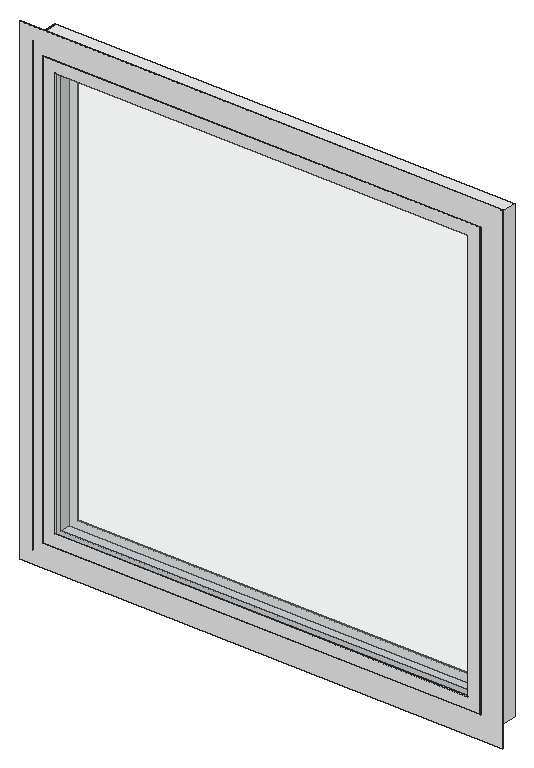
Revit family "Casement_38_A_Top_Hung_Standard", category Windows, host Wall, Revit 2014
Parameters (values of type "Casement_Sash_DG")
  Width Sash [instance] = 30 mm
  Width Sash Inner = 15 mm
  Width Bead = 15 mm
  Top Hung [instance] = yes
  Side Hung Right [instance] = yes
  Side Hung Left [instance] = yes
  Sash Opening Width [instance] = 600 mm
  Sash Opening Height [instance] = 600.312 mm
  Sash Lip = 15 mm
  Glazing Material [instance] = Glass
  DG Start Piece 2 [instance] = DG End Piece 1 + DG Gasket Thickness  # 25 mm
  DG Start Peice 1 [instance] = (Depth Sash - (2 * DG Glazing Thickness) - DG Gasket Thickness) / 2  # 6.6 mm
  Glazing Offset = 5 mm
  DG Glazing Thickness [instance] = 6.4 mm
  DG Gasket Thickness = 12 mm  # constant formula
  DG Gasket Material [instance] = none
  DG End Piece 2 [instance] = DG Start Piece 2 + DG Glazing Thickness  # 31.4 mm
  DG End Piece 1 [instance] = DG Start Peice 1 + DG Glazing Thickness  # 13 mm
  Depth Sash [instance] = 38 mm
  Center Vertical Sash [instance] = Sash Opening Height / 2  # 300.156 mm
  Center Horizontal Sash [instance] = Sash Opening Width / 2  # 300 mm
  Bottom Hung [instance] = yes
  Bead Offset = 15 mm
  Aluminium Thickness = 1 mm
  Aluminium Material [instance] = White Powder Coated Aluminium
Reference planes
  plane 1 "Center (Front/Back)": y = 0
  plane 2: z = 0
  plane 3 "Center (Left/Right)": x = 0
Forms (mm)
  Sweep 1, solid, material "White Powder Coated Aluminium" <- "Aluminium Material"
    path origin (16.177, 0, 121.331) x (1, 0, 0) y (0, 0, 1)
      loop
        line (0, 0) -> (600, 0) -> (600, 600.312) -> (0, 600.312) -> (0, 0)
    profile origin (316.177, 0, 121.331) x (0, 0, 1) y (0, -1, 0)
      loop
        line (0, 0) -> (30, 0) -> (30, 1) -> (15, 1) -> (15, 38) -> (-15, 38) -> (-15, 37) -> (0, 37) -> (0, 0)
      loop
        line (14, 1) -> (14, 37) -> (1, 37) -> (1, 1) -> (14, 1)
  Sweep 2, solid, material "White Powder Coated Aluminium" <- "Aluminium Material"
    path origin (0, 0, 0) x (1, 0, 0) y (0, 0, 1)
      loop
        line (31.177, 706.643) -> (31.177, 136.331) -> (601.177, 136.331) -> (601.177, 706.643) -> (31.177, 706.643)
    profile origin (316.177, 0, 706.643) x (0, 0, 1) y (0, -1, 0)
      loop
        line (0, 37) -> (0, 38) -> (-15, 38) -> (-15, 37) -> (0, 37)
  Extrusion 3, solid, material "Glass" <- "Glazing Material"
    sketch origin (0, 0, 0) x (1, 0, 0) y (0, 0, 1)
      loop
        line (36.177, 701.643) -> (36.177, 141.331) -> (596.177, 141.331) -> (596.177, 701.643) -> (36.177, 701.643)
    from 6.6 <- "DG Start Peice 1" to 13 <- "DG End Piece 1"
  Extrusion 4, solid, material "Glass" <- "Glazing Material"
    sketch origin (0, 0, 0) x (1, 0, 0) y (0, 0, 1)
      loop
        line (36.177, 701.643) -> (36.177, 141.331) -> (596.177, 141.331) -> (596.177, 701.643) -> (36.177, 701.643)
    from 31.4 <- "DG End Piece 2" to 25 <- "DG Start Piece 2"
  Sweep 5, solid, material <- "DG Gasket Material"
    path origin (0, -13, 0) x (1, 0, 0) y (0, 0, 1)
      loop
        line (36.177, 701.643) -> (36.177, 141.331) -> (596.177, 141.331) -> (596.177, 701.643) -> (36.177, 701.643)
    profile origin (316.177, -13, 701.643) x (0, 0, 1) y (0, -1, 0)
      loop
        line (0, 0) -> (0, 12) -> (-7.96, 12) -> (-7.96, 0) -> (0, 0)
Lines and regions (mm)
  model lines
    curve 1: line (1.177, -38, 736.643) -> (31.177, -38, 706.643)
    curve 2: line (601.177, -38, 706.643) -> (631.177, -38, 736.643)
    curve 3: line (601.177, -38, 136.331) -> (631.177, -38, 106.331)
    curve 4: line (1.177, -38, 106.331) -> (31.177, -38, 136.331)
    curve 5: line (631.177, -37, 736.643) -> (616.177, -37, 721.643)
    curve 6: line (1.177, -37, 736.643) -> (16.177, -37, 721.643)
    curve 7: line (1.177, -37, 106.331) -> (16.177, -37, 121.331)
    curve 8: line (631.177, -37, 106.331) -> (616.177, -37, 121.331)
    curve 9: line (616.177, 0, 121.331) -> (586.177, 0, 151.331)
    curve 10: line (46.177, 0, 151.331) -> (16.177, 0, 121.331)
    curve 11: line (616.177, 0, 721.643) -> (586.177, 0, 691.643)
    curve 12: line (46.177, 0, 691.643) -> (16.177, 0, 721.643)
    curve 13: line (31.177, -38, 691.643) -> (46.177, -38, 691.643)
    curve 14: line (586.177, -38, 691.643) -> (601.177, -38, 691.643)
    curve 15: line (586.177, -38, 151.331) -> (601.177, -38, 151.331)
    curve 16: line (31.177, -38, 151.331) -> (46.177, -38, 151.331)
  model lines, style "GenericModelHiddenLines", visible <- "Top Hung"
    curve 17: line (46.386, -31.4, 690.914) -> (316.177, -31.4, 151.331)
    curve 18: line (316.177, -31.4, 151.331) -> (586.177, -31.4, 691.331)
  model lines, style "GenericModelHiddenLines", visible <- "Bottom Hung"
    curve 19: line (46.177, -31.4, 151.331) -> (316.177, -31.4, 691.331)
    curve 20: line (316.177, -31.4, 691.331) -> (586.177, -31.4, 151.331)
  model lines, style "GenericModelHiddenLines", visible <- "Side Hung Left"
    curve 21: line (46.386, -31.4, 690.914) -> (585.24, -31.4, 421.487)
    curve 22: line (585.24, -31.4, 421.487) -> (46.177, -31.4, 151.331)
  model lines, style "GenericModelHiddenLines", visible <- "Side Hung Right"
    curve 23: line (586.177, -31.4, 691.331) -> (46.177, -31.4, 421.487)
    curve 24: line (46.177, -31.4, 421.487) -> (586.177, -31.4, 151.331)
Dimensions and locks
  "Aluminium Thickness": Sweep 1 sketch curve to Sweep 1 sketch curve  (x4)
  "Depth Sash": Sweep 1 sketch curve to Sweep 1 sketch curve
  "Sash Opening Width": Sweep 1 to Sweep 1
  "Sash Opening Height": Sweep 1 to Sweep 1
  "Width Sash": Sweep 1 sketch curve to Sweep 1 sketch curve  (x2)
  "Width Sash Inner": Sweep 1 sketch curve to Sweep 1 sketch curve
  "Sash Lip": Sweep 1 sketch curve to Sweep 1 sketch curve
  "Aluminium Thickness": Sweep 1 to Sweep 2 sketch curve
  "Glazing Offset": Sweep 2 to Extrusion 3 sketch curve  (x3)
  "Glazing Offset": Extrusion 3 sketch curve to Sweep 2
  Sweep 1 to Sweep 1 = 1 mm
  "Aluminium Thickness": Sweep 2 sketch curve to Sweep 2 sketch curve
  "Width Bead": Sweep 2 sketch curve to Sweep 2 sketch curve
  locked: Sweep 5 sketch curve to Sweep 5 sketch curve at 7.96
  "Center Horizontal Sash": Sweep 1 to curve 18
  "Center Horizontal Sash": Sweep 1 to curve 20
  "Center Vertical Sash": Sweep 1 to curve 22
  "Center Vertical Sash": Sweep 1 to curve 24
  aligned and locked: level to plane 2
  aligned and locked: Sweep 1 sketch curve to Sweep 1 sketch curve  (x2)
  aligned and locked: Sweep 2 sketch curve to Sweep 1  (x5)
  aligned and locked: Extrusion 4 sketch curve to Extrusion 3  (x4)
  aligned and locked: Sweep 5 sketch curve to Extrusion 3  (x5)
  aligned and locked: Extrusion 3 to Sweep 5 sketch curve
Automatic sketch dimensions
  plane 3 "Center (Left/Right)" to Sweep 1 sketch curve = 16.177 mm
  level to Sweep 1 sketch curve = 121.331 mm
  plane 3 "Center (Left/Right)" to Sweep 1 sketch curve = 616.177 mm
  level to Sweep 1 sketch curve = 721.643 mm
  profile plane to Sweep 5 sketch curve = 12 mm
  curve 7 to Sweep 1 = 0 mm  (x4)
  curve 6 to Sweep 1 = 0 mm  (x3)
  Sweep 1 to curve 6 = 0 mm
  curve 5 to Sweep 1 = 0 mm  (x3)
  curve 8 to Sweep 1 = 0 mm  (x4)
  Sweep 1 to curve 5 = 0 mm
  curve 16 to Sweep 2 = 0 mm  (x3)
  curve 13 to Sweep 2 = 0 mm  (x3)
  curve 15 to Sweep 2 = 0 mm
  Sweep 2 to curve 15 = 0 mm  (x2)
  curve 14 to Sweep 2 = 0 mm  (x2)
  Sweep 2 to curve 14 = 0 mm
  curve 1 to Sweep 1 = 0 mm  (x4)
  curve 4 to Sweep 1 = 0 mm  (x3)
  Sweep 1 to curve 4 = 0 mm
  curve 3 to Sweep 1 = 0 mm  (x3)
  curve 2 to Sweep 1 = 0 mm  (x4)
  Sweep 1 to curve 3 = 0 mm
  curve 10 to Sweep 1 = 0 mm  (x4)
  curve 12 to Sweep 1 = 0 mm  (x3)
  Sweep 1 to curve 12 = 0 mm
  curve 9 to Sweep 1 = 0 mm  (x4)
  curve 11 to Sweep 1 = 0 mm  (x3)
  Sweep 1 to curve 11 = 0 mm
  Sweep 1 sketch curve to plane 1 "Center (Front/Back)" = 0 mm
  profile plane to Sweep 1 sketch curve = 0 mm
  curve 21 to Extrusion 4 = 10.208 mm
  curve 19 to Extrusion 4 = 10 mm
  curve 23 to Extrusion 4 = 10 mm  (x2)
  curve 22 to Extrusion 4 = 10.937 mm
  curve 20 to Extrusion 4 = 10 mm
  curve 24 to Extrusion 4 = 10 mm
  curve 22 to Extrusion 4 = 10 mm
  curve 18 to Extrusion 4 = 10 mm
  curve 21 to Extrusion 4 = 10.729 mm
  curve 19 to Extrusion 4 = 10.312 mm
  curve 18 to Extrusion 4 = 10.312 mm
Types in the file's own list only (6): name | Windload Design | Width Sash Opening | Width Sash | Width Profile | Width | URL | Max Pane Area | Max System DG One Piece Thickness | Max System DG Unit Thickness | Intruderprufe U Value | Intruderprufe SHGC Value | Intruderprufe LowE U Value | Intruderprufe LowE SHGC Value | Intruderprufe Insulated U Value | Intruderprufe Insulated SHGC Value | Intruderprufe Insulated LowE U Value | Intruderprufe Insulated LowE SHGC Value | Height | Energy Advantage U Value | Energy Advantage SHGC Value | DG Thickness Calc | Custom Window Width | Custom Window Height | Window Exterior Offset | Custom Windload | Sash Width | Sash Height | Sash Spacing Inner | Sash Overlap | Sash Center Offset | SG Gasket Thickness | Offset Sash Left | Offset Sash 1 Top | Offset Bead SG Center Reversed | Model | Manufacturer | Limit Window Width Min | Limit Window Width Max | Limit Window Height Min | Limit Window Height Max | Limit Sash Width Min | Limit Sash Width Max | Limit Sash Height Min | Limit Sash Height Max | Height Sash 1 Opening | Height Sash | Description | Frame Center Offset | Depth Bead | Default Sill Height | Wall Closure | DG Gasket Finish | DG Extrusion Start | Offset Window Exterior | Clearvue U Value | Clearvue SHGC Value | Clearvue Insulated U Value | Clearvue Insulated SHGC Value | Clearvue Insulated LowE U Value | Clearvue Insulated LowE SHGC Value | Casement Dimension | Bottom Hung | Bead SG Gap
  38-0606T-1000Pa | 1000 mm | 545 mm | 514 mm | 30 mm | 590 mm | "http://www.crealco.co.za/crealco-products.php" | 0.20 m² | 6 mm | 25 mm | 6.12 | 0.487 | 4.92 | 0.436 | 4.38 | 0.421 | 3.97 | 0.384 | 590 mm | 5.03 | 0.461 | 4 mm | 590 mm | 590 mm | 0 mm | 1000 mm | 545 mm | 545 mm | 8 mm | 7 mm | 16 mm | 6 mm | 23 mm | 23 mm | 19 mm | "Casement 38" | "Crealco" | 346 mm | 1546 mm | 346 mm | 1246 mm | 300 mm | 1500 mm | 300 mm | 1200 mm | 545 mm | 514 mm | "Window 38mm, Type A top hung" | 19 mm | 24 mm | 800 mm | By host | Double Glazing Gasket Material | 9 mm | 19 mm | 6.21 | 0.514 | 4.48 | 0.45 | 4.07 | 0.41 | 38 mm | No | 13 mm
  38-0606T-1500Pa | 1500 mm | 545 mm | 514 mm | 30 mm | 590 mm | "http://www.crealco.co.za/crealco-products.php" | 0.20 m² | 6 mm | 25 mm | 6.12 | 0.487 | 4.92 | 0.436 | 4.38 | 0.421 | 3.97 | 0.384 | 590 mm | 5.03 | 0.461 | 4 mm | 590 mm | 590 mm | 0 mm | 1500 mm | 545 mm | 545 mm | 8 mm | 7 mm | 16 mm | 6 mm | 23 mm | 23 mm | 19 mm | "Casement 38" | "Crealco" | 346 mm | 1546 mm | 346 mm | 1246 mm | 300 mm | 1500 mm | 300 mm | 1200 mm | 545 mm | 514 mm | "Window 38mm, Type A top hung" | 19 mm | 24 mm | 800 mm | By host | Double Glazing Gasket Material | 9 mm | 19 mm | 6.21 | 0.514 | 4.48 | 0.45 | 4.07 | 0.41 | 38 mm | No | 13 mm
  38-0606T-2000Pa | 2000 mm | 545 mm | 514 mm | 30 mm | 590 mm | "http://www.crealco.co.za/crealco-products.php" | 0.20 m² | 6 mm | 25 mm | 6.12 | 0.487 | 4.92 | 0.436 | 4.38 | 0.421 | 3.97 | 0.384 | 590 mm | 5.03 | 0.461 | 4 mm | 590 mm | 590 mm | 0 mm | 2000 mm | 545 mm | 545 mm | 8 mm | 7 mm | 16 mm | 6 mm | 23 mm | 23 mm | 19 mm | "Casement 38" | "Crealco" | 346 mm | 1546 mm | 346 mm | 1246 mm | 300 mm | 1500 mm | 300 mm | 1200 mm | 545 mm | 514 mm | "Window 38mm, Type A top hung" | 19 mm | 24 mm | 800 mm | By host | Double Glazing Gasket Material | 9 mm | 19 mm | 6.21 | 0.514 | 4.48 | 0.45 | 4.07 | 0.41 | 38 mm | No | 13 mm
  38-0906T-1000Pa | 1000 mm | 845 mm | 814 mm | 30 mm | 890 mm | "http://www.crealco.co.za/crealco-products.php" | 0.33 m² | 6 mm | 25 mm | 6.07 | 0.533 | 4.73 | 0.476 | 4.13 | 0.46 | 3.67 | 0.419 | 590 mm | 4.83 | 0.505 | 4 mm | 890 mm | 590 mm | 0 mm | 1000 mm | 845 mm | 545 mm | 8 mm | 7 mm | 16 mm | 6 mm | 23 mm | 23 mm | 19 mm | "Casement 38" | "Crealco" | 346 mm | 1546 mm | 346 mm | 1246 mm | 300 mm | 1500 mm | 300 mm | 1200 mm | 545 mm | 514 mm | "Window 38mm, Type A top hung" | 19 mm | 24 mm | 800 mm | By host | Double Glazing Gasket Material | 9 mm | 19 mm | 6.16 | 0.563 | 4.24 | 0.493 | 3.77 | 0.449 | 38 mm | No | 13 mm
  38-0906T-1500Pa | 1500 mm | 845 mm | 814 mm | 30 mm | 890 mm | "http://www.crealco.co.za/crealco-products.php" | 0.33 m² | 6 mm | 25 mm | 6.07 | 0.533 | 4.73 | 0.476 | 4.13 | 0.46 | 3.67 | 0.419 | 590 mm | 4.83 | 0.505 | 4 mm | 890 mm | 590 mm | 0 mm | 1500 mm | 845 mm | 545 mm | 8 mm | 7 mm | 16 mm | 6 mm | 23 mm | 23 mm | 19 mm | "Casement 38" | "Crealco" | 346 mm | 1546 mm | 346 mm | 1246 mm | 300 mm | 1500 mm | 300 mm | 1200 mm | 545 mm | 514 mm | "Window 38mm, Type A top hung" | 19 mm | 24 mm | 800 mm | By host | Double Glazing Gasket Material | 9 mm | 19 mm | 6.16 | 0.563 | 4.24 | 0.493 | 3.77 | 0.449 | 38 mm | No | 13 mm
  38-0906T-2000Pa | 2000 mm | 845 mm | 814 mm | 30 mm | 890 mm | "http://www.crealco.co.za/crealco-products.php" | 0.33 m² | 6 mm | 25 mm | 6.07 | 0.533 | 4.73 | 0.476 | 4.13 | 0.46 | 3.67 | 0.419 | 590 mm | 4.83 | 0.505 | 4 mm | 890 mm | 590 mm | 0 mm | 2000 mm | 845 mm | 545 mm | 8 mm | 7 mm | 16 mm | 6 mm | 23 mm | 23 mm | 19 mm | "Casement 38" | "Crealco" | 346 mm | 1546 mm | 346 mm | 1246 mm | 300 mm | 1500 mm | 300 mm | 1200 mm | 545 mm | 514 mm | "Window 38mm, Type A top hung" | 19 mm | 24 mm | 800 mm | By host | Double Glazing Gasket Material | 9 mm | 19 mm | 6.16 | 0.563 | 4.24 | 0.493 | 3.77 | 0.449 | 38 mm | No | 13 mm
